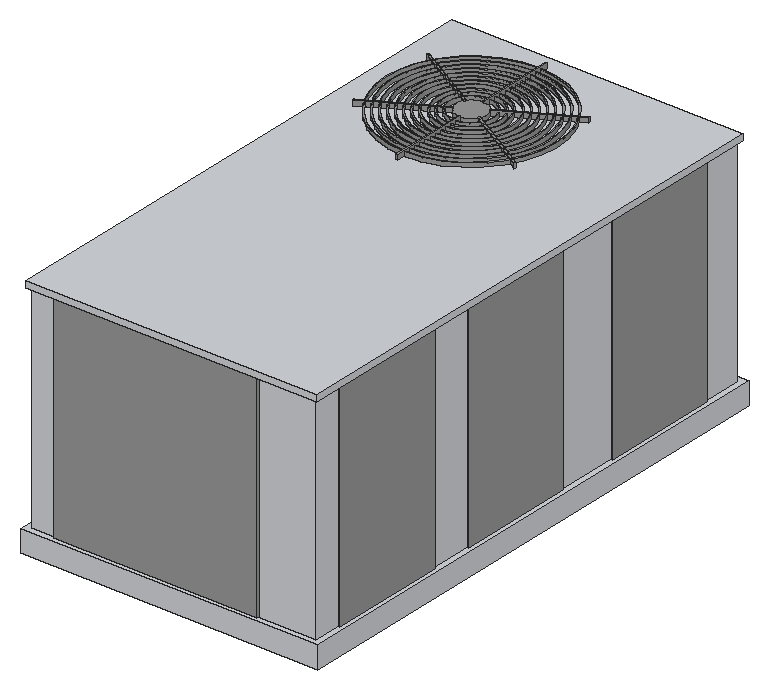
Revit family "RTU-2", category Mechanical Equipment, host Face, Revit 2025 (continued)
Definition of nested family "Family1"
  Automatic sketch dimensions
    Extrusion 17 sketch curve to Extrusion 17 sketch curve = 0"
    Extrusion 18 sketch curve to plane 41 = 0"
    Extrusion 18 sketch curve to plane 42 = 0"  (x2)
    Extrusion 18 sketch curve to plane 41 = 0.18274"
    Extrusion 18 sketch curve to Extrusion 18 sketch curve = 0.06651"  (x2)
    plane 42 to Extrusion 18 sketch curve = 0.45496"
    Extrusion 18 sketch curve to plane 42 = 0.38845"
    Extrusion 18 sketch curve to Extrusion 18 sketch curve = 1.06726"
    Extrusion 18 sketch curve to Extrusion 18 sketch curve = 0"
    Extrusion 19 sketch curve to plane 43 = 0"
    Extrusion 19 sketch curve to plane 44 = 0"  (x2)
    Extrusion 19 sketch curve to plane 43 = 0.18274"
    Extrusion 19 sketch curve to Extrusion 19 sketch curve = 0.06651"  (x2)
    plane 44 to Extrusion 19 sketch curve = 0.45496"
    Extrusion 19 sketch curve to plane 44 = 0.38845"
    Extrusion 19 sketch curve to Extrusion 19 sketch curve = 1.06726"
    Extrusion 19 sketch curve to Extrusion 19 sketch curve = 0"
    Extrusion 20 sketch curve to plane 45 = 0"
    Extrusion 20 sketch curve to plane 46 = 0"  (x2)
    Extrusion 20 sketch curve to plane 45 = 0.18274"
    Extrusion 20 sketch curve to Extrusion 20 sketch curve = 0.06651"  (x2)
    plane 46 to Extrusion 20 sketch curve = 0.45496"
    Extrusion 20 sketch curve to plane 46 = 0.38845"
    Extrusion 20 sketch curve to Extrusion 20 sketch curve = 1.06726"
    Extrusion 20 sketch curve to Extrusion 20 sketch curve = 0"
    Extrusion 21 sketch curve to plane 47 = 0"
    Extrusion 21 sketch curve to plane 48 = 0"  (x2)
    Extrusion 21 sketch curve to plane 47 = 0.18274"
    Extrusion 21 sketch curve to Extrusion 21 sketch curve = 0.06651"  (x2)
    plane 48 to Extrusion 21 sketch curve = 0.45496"
    Extrusion 21 sketch curve to plane 48 = 0.38845"
    Extrusion 21 sketch curve to Extrusion 21 sketch curve = 1.06726"
    Extrusion 21 sketch curve to Extrusion 21 sketch curve = 0"
    Extrusion 22 sketch curve to plane 49 = 0"
    Extrusion 22 sketch curve to plane 50 = 0"  (x2)
    Extrusion 22 sketch curve to plane 49 = 0.18274"
    Extrusion 22 sketch curve to Extrusion 22 sketch curve = 0.06651"  (x2)
    plane 50 to Extrusion 22 sketch curve = 0.45496"
    Extrusion 22 sketch curve to plane 50 = 0.38845"
    Extrusion 22 sketch curve to Extrusion 22 sketch curve = 1.06726"
    Extrusion 22 sketch curve to Extrusion 22 sketch curve = 0"
    Extrusion 23 sketch curve to plane 51 = 0"
    Extrusion 23 sketch curve to plane 52 = 0"  (x2)
    Extrusion 23 sketch curve to plane 51 = 0.18274"
    Extrusion 23 sketch curve to Extrusion 23 sketch curve = 0.06651"  (x2)
    plane 52 to Extrusion 23 sketch curve = 0.45496"
    Extrusion 23 sketch curve to plane 52 = 0.38845"
    Extrusion 23 sketch curve to Extrusion 23 sketch curve = 1.06726"
    Extrusion 23 sketch curve to Extrusion 23 sketch curve = 0"
    Extrusion 24 sketch curve to plane 53 = 0"
    Extrusion 24 sketch curve to plane 54 = 0"  (x2)
    Extrusion 24 sketch curve to plane 53 = 0.18274"
    Extrusion 24 sketch curve to Extrusion 24 sketch curve = 0.06651"  (x2)
    plane 54 to Extrusion 24 sketch curve = 0.45496"
    Extrusion 24 sketch curve to plane 54 = 0.38845"
    Extrusion 24 sketch curve to Extrusion 24 sketch curve = 1.06726"
    Extrusion 24 sketch curve to Extrusion 24 sketch curve = 0"
    Extrusion 25 sketch curve to plane 55 = 0"
    Extrusion 25 sketch curve to plane 56 = 0"  (x2)
    Extrusion 25 sketch curve to plane 55 = 0.18274"
    Extrusion 25 sketch curve to Extrusion 25 sketch curve = 0.06651"  (x2)
    plane 56 to Extrusion 25 sketch curve = 0.45496"
    Extrusion 25 sketch curve to plane 56 = 0.38845"
    Extrusion 25 sketch curve to Extrusion 25 sketch curve = 1.06726"
    Extrusion 25 sketch curve to Extrusion 25 sketch curve = 0"
    Extrusion 26 sketch curve to plane 57 = 0"
    Extrusion 26 sketch curve to plane 58 = 0"  (x2)
    Extrusion 26 sketch curve to plane 57 = 0.18274"
    Extrusion 26 sketch curve to Extrusion 26 sketch curve = 0.06651"  (x2)
    plane 58 to Extrusion 26 sketch curve = 0.45496"
    Extrusion 26 sketch curve to plane 58 = 0.38845"
    Extrusion 26 sketch curve to Extrusion 26 sketch curve = 1.06726"
    Extrusion 26 sketch curve to Extrusion 26 sketch curve = 0"
    Extrusion 27 sketch curve to plane 59 = 0"
    Extrusion 27 sketch curve to plane 60 = 0"  (x2)
    Extrusion 27 sketch curve to plane 59 = 0.18274"
    Extrusion 27 sketch curve to Extrusion 27 sketch curve = 0.06651"  (x2)
    plane 60 to Extrusion 27 sketch curve = 0.45496"
    Extrusion 27 sketch curve to plane 60 = 0.38845"
    Extrusion 27 sketch curve to Extrusion 27 sketch curve = 1.06726"
    Extrusion 27 sketch curve to Extrusion 27 sketch curve = 0"
    Extrusion 28 sketch curve to plane 61 = 0"
    Extrusion 28 sketch curve to plane 62 = 0"  (x2)
    Extrusion 28 sketch curve to plane 61 = 0.18274"
    Extrusion 28 sketch curve to Extrusion 28 sketch curve = 0.06651"  (x2)
    plane 62 to Extrusion 28 sketch curve = 0.45496"
    Extrusion 28 sketch curve to plane 62 = 0.38845"
    Extrusion 28 sketch curve to Extrusion 28 sketch curve = 1.06726"
    Extrusion 28 sketch curve to Extrusion 28 sketch curve = 0"
    Extrusion 29 sketch curve to plane 63 = 0"
    Extrusion 29 sketch curve to plane 64 = 0"  (x2)
    Extrusion 29 sketch curve to plane 63 = 0.18274"
    Extrusion 29 sketch curve to Extrusion 29 sketch curve = 0.06651"  (x2)
    plane 64 to Extrusion 29 sketch curve = 0.45496"
    Extrusion 29 sketch curve to plane 64 = 0.38845"
    Extrusion 29 sketch curve to Extrusion 29 sketch curve = 1.06726"
    Extrusion 29 sketch curve to Extrusion 29 sketch curve = 0"
    Extrusion 30 sketch curve to plane 65 = 0"
    Extrusion 30 sketch curve to plane 66 = 0"  (x2)
    Extrusion 30 sketch curve to plane 65 = 0.18274"
    Extrusion 30 sketch curve to Extrusion 30 sketch curve = 0.06651"  (x2)
    plane 66 to Extrusion 30 sketch curve = 0.45496"
    Extrusion 30 sketch curve to plane 66 = 0.38845"
    Extrusion 30 sketch curve to Extrusion 30 sketch curve = 1.06726"
    Extrusion 30 sketch curve to Extrusion 30 sketch curve = 0"
    Extrusion 31 sketch curve to plane 67 = 0"
    Extrusion 31 sketch curve to plane 68 = 0"  (x2)
    Extrusion 31 sketch curve to plane 67 = 0.18274"
    Extrusion 31 sketch curve to Extrusion 31 sketch curve = 0.06651"  (x2)
    plane 68 to Extrusion 31 sketch curve = 0.45496"
    Extrusion 31 sketch curve to plane 68 = 0.38845"
    Extrusion 31 sketch curve to Extrusion 31 sketch curve = 1.06726"
    Extrusion 31 sketch curve to Extrusion 31 sketch curve = 0"
    Extrusion 32 sketch curve to plane 69 = 0"
    Extrusion 32 sketch curve to plane 70 = 0"  (x2)
    Extrusion 32 sketch curve to plane 69 = 0.18274"
    Extrusion 32 sketch curve to Extrusion 32 sketch curve = 0.06651"  (x2)
    plane 70 to Extrusion 32 sketch curve = 0.45496"
    Extrusion 32 sketch curve to plane 70 = 0.38845"
    Extrusion 32 sketch curve to Extrusion 32 sketch curve = 1.06726"
    Extrusion 32 sketch curve to Extrusion 32 sketch curve = 0"
    Extrusion 33 sketch curve to plane 71 = 0"
    Extrusion 33 sketch curve to plane 72 = 0"  (x2)
    Extrusion 33 sketch curve to plane 71 = 0.18274"
    Extrusion 33 sketch curve to Extrusion 33 sketch curve = 0.06651"  (x2)
    plane 72 to Extrusion 33 sketch curve = 0.45496"
    Extrusion 33 sketch curve to plane 72 = 0.38845"
    Extrusion 33 sketch curve to Extrusion 33 sketch curve = 1.06726"
    Extrusion 33 sketch curve to Extrusion 33 sketch curve = 0"
    Extrusion 34 sketch curve to plane 73 = 0"
    Extrusion 34 sketch curve to plane 74 = 0"  (x2)
    Extrusion 34 sketch curve to plane 73 = 0.18274"
    Extrusion 34 sketch curve to Extrusion 34 sketch curve = 0.06651"  (x2)
    plane 74 to Extrusion 34 sketch curve = 0.45496"
    Extrusion 34 sketch curve to plane 74 = 0.38845"
    Extrusion 34 sketch curve to Extrusion 34 sketch curve = 1.06726"
    Extrusion 34 sketch curve to Extrusion 34 sketch curve = 0"
    Extrusion 35 sketch curve to plane 75 = 0"
    Extrusion 35 sketch curve to plane 76 = 0"  (x2)
    Extrusion 35 sketch curve to plane 75 = 0.18274"
    Extrusion 35 sketch curve to Extrusion 35 sketch curve = 0.06651"  (x2)
    plane 76 to Extrusion 35 sketch curve = 0.45496"
    Extrusion 35 sketch curve to plane 76 = 0.38845"
    Extrusion 35 sketch curve to Extrusion 35 sketch curve = 1.06726"
    Extrusion 35 sketch curve to Extrusion 35 sketch curve = 0"
    Extrusion 36 sketch curve to plane 77 = 0"
    Extrusion 36 sketch curve to plane 78 = 0"  (x2)
    Extrusion 36 sketch curve to plane 77 = 0.18274"
    Extrusion 36 sketch curve to Extrusion 36 sketch curve = 0.06651"  (x2)
    plane 78 to Extrusion 36 sketch curve = 0.45496"
    Extrusion 36 sketch curve to plane 78 = 0.38845"
    Extrusion 36 sketch curve to Extrusion 36 sketch curve = 1.06726"
    Extrusion 36 sketch curve to Extrusion 36 sketch curve = 0"
    Extrusion 37 sketch curve to plane 79 = 0"
    Extrusion 37 sketch curve to plane 80 = 0"  (x2)
    Extrusion 37 sketch curve to plane 79 = 0.18274"
    Extrusion 37 sketch curve to Extrusion 37 sketch curve = 0.06651"  (x2)
    plane 80 to Extrusion 37 sketch curve = 0.45496"
    Extrusion 37 sketch curve to plane 80 = 0.38845"
    Extrusion 37 sketch curve to Extrusion 37 sketch curve = 1.06726"
    Extrusion 37 sketch curve to Extrusion 37 sketch curve = 0"
    Extrusion 38 sketch curve to plane 81 = 0"
    Extrusion 38 sketch curve to plane 82 = 0"  (x2)
    Extrusion 38 sketch curve to plane 81 = 0.18274"
    Extrusion 38 sketch curve to Extrusion 38 sketch curve = 0.06651"  (x2)
    plane 82 to Extrusion 38 sketch curve = 0.45496"
    Extrusion 38 sketch curve to plane 82 = 0.38845"
    Extrusion 38 sketch curve to Extrusion 38 sketch curve = 1.06726"
    Extrusion 38 sketch curve to Extrusion 38 sketch curve = 0"
    Extrusion 39 sketch curve to plane 83 = 0"
    Extrusion 39 sketch curve to plane 84 = 0"  (x2)
    Extrusion 39 sketch curve to plane 83 = 0.18274"
    Extrusion 39 sketch curve to Extrusion 39 sketch curve = 0.06651"  (x2)
    plane 84 to Extrusion 39 sketch curve = 0.45496"
    Extrusion 39 sketch curve to plane 84 = 0.38845"
    Extrusion 39 sketch curve to Extrusion 39 sketch curve = 1.06726"
    Extrusion 39 sketch curve to Extrusion 39 sketch curve = 0"
    Extrusion 40 sketch curve to plane 85 = 0"
    Extrusion 40 sketch curve to plane 86 = 0"  (x2)
    Extrusion 40 sketch curve to plane 85 = 0.18274"
    Extrusion 40 sketch curve to Extrusion 40 sketch curve = 0.06651"  (x2)
    plane 86 to Extrusion 40 sketch curve = 0.45496"
    Extrusion 40 sketch curve to plane 86 = 0.38845"
    Extrusion 40 sketch curve to Extrusion 40 sketch curve = 1.06726"
    Extrusion 40 sketch curve to Extrusion 40 sketch curve = 0"
    Extrusion 41 sketch curve to plane 87 = 0"
    Extrusion 41 sketch curve to plane 88 = 0"  (x2)
    Extrusion 41 sketch curve to plane 87 = 0.18274"
    Extrusion 41 sketch curve to Extrusion 41 sketch curve = 0.06651"  (x2)
    plane 88 to Extrusion 41 sketch curve = 0.45496"
    Extrusion 41 sketch curve to plane 88 = 0.38845"
    Extrusion 41 sketch curve to Extrusion 41 sketch curve = 1.06726"
    Extrusion 41 sketch curve to Extrusion 41 sketch curve = 0"
    Extrusion 42 sketch curve to plane 89 = 0"
    Extrusion 42 sketch curve to plane 90 = 0"  (x2)
    Extrusion 42 sketch curve to plane 89 = 0.18274"
    Extrusion 42 sketch curve to Extrusion 42 sketch curve = 0.06651"  (x2)
    plane 90 to Extrusion 42 sketch curve = 0.45496"
    Extrusion 42 sketch curve to plane 90 = 0.38845"
    Extrusion 42 sketch curve to Extrusion 42 sketch curve = 1.06726"
    Extrusion 42 sketch curve to Extrusion 42 sketch curve = 0"
    Extrusion 43 sketch curve to plane 91 = 0"
    Extrusion 43 sketch curve to plane 92 = 0"  (x2)
    Extrusion 43 sketch curve to plane 91 = 0.18274"
    Extrusion 43 sketch curve to Extrusion 43 sketch curve = 0.06651"  (x2)
    plane 92 to Extrusion 43 sketch curve = 0.45496"
    Extrusion 43 sketch curve to plane 92 = 0.38845"
    Extrusion 43 sketch curve to Extrusion 43 sketch curve = 1.06726"
    Extrusion 43 sketch curve to Extrusion 43 sketch curve = 0"
    Extrusion 44 sketch curve to plane 93 = 0"
    Extrusion 44 sketch curve to plane 94 = 0"  (x2)
    Extrusion 44 sketch curve to plane 93 = 0.18274"
    Extrusion 44 sketch curve to Extrusion 44 sketch curve = 0.06651"  (x2)
    plane 94 to Extrusion 44 sketch curve = 0.45496"
    Extrusion 44 sketch curve to plane 94 = 0.38845"
    Extrusion 44 sketch curve to Extrusion 44 sketch curve = 1.06726"
    Extrusion 44 sketch curve to Extrusion 44 sketch curve = 0"
    Extrusion 45 sketch curve to plane 95 = 0"
    Extrusion 45 sketch curve to plane 96 = 0"  (x2)
    Extrusion 45 sketch curve to plane 95 = 0.18274"
    Extrusion 45 sketch curve to Extrusion 45 sketch curve = 0.06651"  (x2)
    plane 96 to Extrusion 45 sketch curve = 0.45496"
    Extrusion 45 sketch curve to plane 96 = 0.38845"
    Extrusion 45 sketch curve to Extrusion 45 sketch curve = 1.06726"
    Extrusion 45 sketch curve to Extrusion 45 sketch curve = 0"
    Extrusion 46 sketch curve to plane 97 = 0"
    Extrusion 46 sketch curve to plane 98 = 0"  (x2)
    Extrusion 46 sketch curve to plane 97 = 0.18274"
    Extrusion 46 sketch curve to Extrusion 46 sketch curve = 0.06651"  (x2)
    plane 98 to Extrusion 46 sketch curve = 0.45496"
    Extrusion 46 sketch curve to plane 98 = 0.38845"
    Extrusion 46 sketch curve to Extrusion 46 sketch curve = 1.06726"
    Extrusion 46 sketch curve to Extrusion 46 sketch curve = 0"
    Extrusion 47 sketch curve to plane 99 = 0"
    Extrusion 47 sketch curve to plane 100 = 0"  (x2)
    Extrusion 47 sketch curve to plane 99 = 0.18274"
    Extrusion 47 sketch curve to Extrusion 47 sketch curve = 0.06651"  (x2)
    plane 100 to Extrusion 47 sketch curve = 0.45496"
    Extrusion 47 sketch curve to plane 100 = 0.38845"
    Extrusion 47 sketch curve to Extrusion 47 sketch curve = 1.06726"
    Extrusion 47 sketch curve to Extrusion 47 sketch curve = 0"
    Extrusion 48 sketch curve to plane 101 = 0"
    Extrusion 48 sketch curve to plane 102 = 0"  (x2)
    Extrusion 48 sketch curve to plane 101 = 0.18274"
    Extrusion 48 sketch curve to Extrusion 48 sketch curve = 0.06651"  (x2)
    plane 102 to Extrusion 48 sketch curve = 0.45496"
    Extrusion 48 sketch curve to plane 102 = 0.38845"
    Extrusion 48 sketch curve to Extrusion 48 sketch curve = 1.06726"
    Extrusion 48 sketch curve to Extrusion 48 sketch curve = 0"
    Extrusion 49 sketch curve to plane 103 = 0"
    Extrusion 49 sketch curve to plane 104 = 0"  (x2)
    Extrusion 49 sketch curve to plane 103 = 0.18274"
    Extrusion 49 sketch curve to Extrusion 49 sketch curve = 0.06651"  (x2)
    plane 104 to Extrusion 49 sketch curve = 0.45496"
    Extrusion 49 sketch curve to plane 104 = 0.38845"
    Extrusion 49 sketch curve to Extrusion 49 sketch curve = 1.06726"
    Extrusion 49 sketch curve to Extrusion 49 sketch curve = 0"
    Extrusion 50 sketch curve to plane 105 = 0"
    Extrusion 50 sketch curve to plane 106 = 0"  (x2)
    Extrusion 50 sketch curve to plane 105 = 0.18274"
    Extrusion 50 sketch curve to Extrusion 50 sketch curve = 0.06651"  (x2)
    plane 106 to Extrusion 50 sketch curve = 0.45496"
    Extrusion 50 sketch curve to plane 106 = 0.38845"
    Extrusion 50 sketch curve to Extrusion 50 sketch curve = 1.06726"
    Extrusion 50 sketch curve to Extrusion 50 sketch curve = 0"
    Extrusion 51 sketch curve to plane 107 = 0"
    Extrusion 51 sketch curve to plane 108 = 0"  (x2)
    Extrusion 51 sketch curve to plane 107 = 0.18274"
    Extrusion 51 sketch curve to Extrusion 51 sketch curve = 0.06651"  (x2)
    plane 108 to Extrusion 51 sketch curve = 0.45496"
    Extrusion 51 sketch curve to plane 108 = 0.38845"
    Extrusion 51 sketch curve to Extrusion 51 sketch curve = 1.06726"
    Extrusion 51 sketch curve to Extrusion 51 sketch curve = 0"
    Extrusion 52 sketch curve to plane 109 = 0"
    Extrusion 52 sketch curve to plane 110 = 0"  (x2)
    Extrusion 52 sketch curve to plane 109 = 0.18274"
    Extrusion 52 sketch curve to Extrusion 52 sketch curve = 0.06651"  (x2)
    plane 110 to Extrusion 52 sketch curve = 0.45496"
    Extrusion 52 sketch curve to plane 110 = 0.38845"
    Extrusion 52 sketch curve to Extrusion 52 sketch curve = 1.06726"
    Extrusion 52 sketch curve to Extrusion 52 sketch curve = 0"
    Extrusion 53 sketch curve to plane 111 = 0"
    Extrusion 53 sketch curve to plane 112 = 0"  (x2)
    Extrusion 53 sketch curve to plane 111 = 0.18274"
    Extrusion 53 sketch curve to Extrusion 53 sketch curve = 0.06651"  (x2)
    plane 112 to Extrusion 53 sketch curve = 0.45496"
    Extrusion 53 sketch curve to plane 112 = 0.38845"
    Extrusion 53 sketch curve to Extrusion 53 sketch curve = 1.06726"
    Extrusion 53 sketch curve to Extrusion 53 sketch curve = 0"
    Extrusion 54 sketch curve to plane 113 = 0"
    Extrusion 54 sketch curve to plane 114 = 0"  (x2)
    Extrusion 54 sketch curve to plane 113 = 0.18274"
    Extrusion 54 sketch curve to Extrusion 54 sketch curve = 0.06651"  (x2)
    plane 114 to Extrusion 54 sketch curve = 0.45496"
    Extrusion 54 sketch curve to plane 114 = 0.38845"
    Extrusion 54 sketch curve to Extrusion 54 sketch curve = 1.06726"
    Extrusion 54 sketch curve to Extrusion 54 sketch curve = 0"
    Extrusion 55 sketch curve to plane 115 = 0"
    Extrusion 55 sketch curve to plane 116 = 0"  (x2)
    Extrusion 55 sketch curve to plane 115 = 0.18274"
    Extrusion 55 sketch curve to Extrusion 55 sketch curve = 0.06651"  (x2)
    plane 116 to Extrusion 55 sketch curve = 0.45496"
    Extrusion 55 sketch curve to plane 116 = 0.38845"
    Extrusion 55 sketch curve to Extrusion 55 sketch curve = 1.06726"
    Extrusion 55 sketch curve to Extrusion 55 sketch curve = 0"
    Extrusion 56 sketch curve to plane 117 = 0"
    Extrusion 56 sketch curve to plane 118 = 0"  (x2)
    Extrusion 56 sketch curve to plane 117 = 0.18274"
    Extrusion 56 sketch curve to Extrusion 56 sketch curve = 0.06651"  (x2)
    plane 118 to Extrusion 56 sketch curve = 0.45496"
    Extrusion 56 sketch curve to plane 118 = 0.38845"
    Extrusion 56 sketch curve to Extrusion 56 sketch curve = 1.06726"
    Extrusion 56 sketch curve to Extrusion 56 sketch curve = 0"
